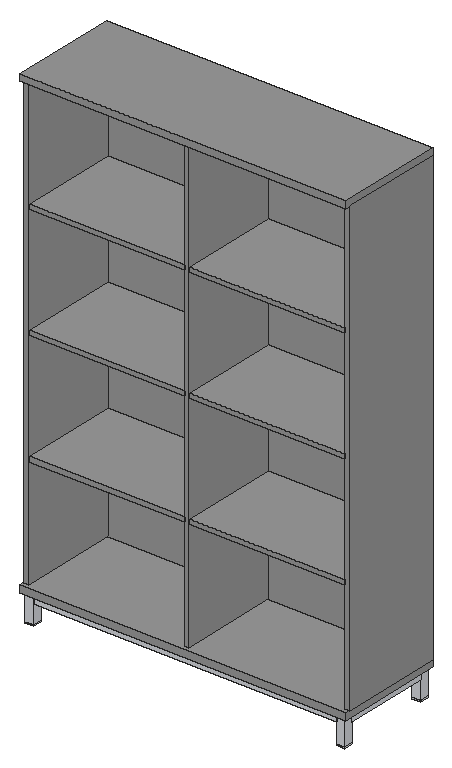
Revit family "Open Fronted Modular Storage With Glass Door Options", category Furniture, Revit 2019
Family settings
  OmniClass Number = 23.40.20.00
  OmniClass Title = General Furniture and Specialties
  Work Plane-Based = No
  Always vertical = Yes
  Cut with Voids When Loaded = No
  Shared = No
  Room Calculation Point = No
Parameters (values of type "BOF18Z")
  Width = 1200 mm
  URL = "www.gof.co.uk"
  Shelves = Gresham - MIDNIGHT ASH
  Range = "STORAGE"
  Product Data Specification = ""
  Product Code = "BOF18Z"
  Product Brochure = ""
  Model = "BOOKCASE"
  Manufacturer = "Gresham Office Furniture"  # constant formula
  Height = 1816 mm
  GHD2 - Level 3 [instance] = no
  GHD2 - Level 1 [instance] = no
  GHD1 - Level 4 [instance] = no
  GHD1 - Level 3 [instance] = no
  GHD1 - Level 2 [instance] = no
  GHD1 - Level 1 [instance] = no
  Doors = Gresham - PLUM
  Carcass = Gresham - MIDNIGHT ASH VERTICAL
  Depth = 400 mm
  BOF18Z Shelves = yes
  BOF10Z Shelves = yes
  BOF14Z Shelves = yes
Reference planes
  plane 1 "Center (Front/Back)": y = 0
  plane 2: z = 0
  plane 3 "Center (Left/Right)": x = 0
  plane 4: x = -600
  plane 5: x = 600
  plane 6: y = 200
  plane 7 "Front": y = -200
  plane 8 "Storage Top": z = 1816
  plane 9: z = 1803.5
  plane 10 "Door Front": y = -182
  plane 11: z = 112.5
  plane 12: z = 1791
  plane 13: z = 1400
  plane 14: z = 984
  plane 15: z = 959
  plane 16: z = 1375
  plane 17: z = 125
  plane 18: z = 100
Forms (mm)
  Extrusion 1, solid, material "Gresham - MIDNIGHT ASH VERTICAL" <- "Carcass"
    sketch origin (0, -5.525, 5) x (-1, 0, 0) y (0, -1, 0)
      loop
        line (582, -205.525) -> (582, -187.525) -> (-582, -187.525) -> (-582, -205.525) -> (582, -205.525)
    from 120 to 1786
  Extrusion 2, solid, material "Gresham - MIDNIGHT ASH VERTICAL" <- "Carcass"
    sketch origin (0, 0, 0) x (1, 0, 0) y (0, 1, 0)
      loop
        line (-600, 200) -> (-600, -182) -> (-582, -182) -> (-582, 200) -> (-600, 200)
      loop
        line (600, 200) -> (582, 200) -> (582, -182) -> (600, -182) -> (600, 200)
    from 125 to 1791
  Extrusion 3, solid, material "Gresham - MIDNIGHT ASH VERTICAL"
    sketch origin (0, 7, -5) x (0, 1, 0) y (0, 0, 1)
      loop
        line (-207, 1796) -> (193, 1796) -> (193, 1821) -> (-207, 1821) -> (-207, 1796)
    from -600 to 600
  Extrusion 4, solid, material "Gresham - MIDNIGHT ASH VERTICAL" <- "Carcass"
    sketch origin (0, -6.874, 39) x (0, 1, 0) y (0, 0, 1)
      loop
        line (-193.126, 61) -> (206.874, 61) -> (206.874, 86) -> (-193.126, 86) -> (-193.126, 61)
    from -600 to 600
  Extrusion 5, solid, material "Gresham - MIDNIGHT ASH VERTICAL" <- "Carcass"
    sketch origin (-8.088, 0, 0) x (1, 0, 0) y (0, 1, 0)
      loop
        line (17.088, 182) -> (-0.912, 182) -> (-0.912, -182) -> (17.088, -182) -> (17.088, 182)
    from 125 to 1791
  Extrusion 6, solid, material "Gresham - MIDNIGHT ASH" <- "Shelves", visible <- "BOF10Z Shelves"
    sketch origin (0, -6, -27.312) x (0, 1, 0) y (0, 0, -1)
      loop
        line (188, -578.312) -> (188, -560.312) -> (-176, -560.312) -> (-176, -578.312) -> (188, -578.312)
    from -582 to -9
  Extrusion 7, solid, material "Gresham - MIDNIGHT ASH" <- "Shelves", visible <- "BOF10Z Shelves"
    sketch origin (0, -6, -27.312) x (0, 1, 0) y (0, 0, 1)
      loop
        line (188, 578.312) -> (-176, 578.312) -> (-176, 560.312) -> (188, 560.312) -> (188, 578.312)
    from -582 to -9
  Extrusion 8, solid, material "Gresham - MIDNIGHT ASH" <- "Shelves", visible <- "BOF14Z Shelves"
    sketch origin (0, -6, 667.022) x (0, 1, 0) y (0, 0, -1)
      loop
        line (188, -716.978) -> (188, -698.978) -> (-176, -698.978) -> (-176, -716.978) -> (188, -716.978)
    from -582 to -9
  Extrusion 9, solid, material "Gresham - MIDNIGHT ASH" <- "Shelves", visible <- "BOF14Z Shelves"
    sketch origin (0, -6, 667.022) x (0, 1, 0) y (0, 0, 1)
      loop
        line (188, 716.978) -> (-176, 716.978) -> (-176, 698.978) -> (188, 698.978) -> (188, 716.978)
    from -582 to -9
  Extrusion 10, solid, material "Gresham - MIDNIGHT ASH" <- "Shelves", visible <- "BOF14Z Shelves"
    sketch origin (0, -6, 389.188) x (0, 1, 0) y (0, 0, -1)
      loop
        line (188, -578.312) -> (188, -560.312) -> (-176, -560.312) -> (-176, -578.312) -> (188, -578.312)
    from -582 to -9
  Extrusion 11, solid, material "Gresham - MIDNIGHT ASH" <- "Shelves", visible <- "BOF14Z Shelves"
    sketch origin (0, -6, 389.188) x (0, 1, 0) y (0, 0, 1)
      loop
        line (188, 578.312) -> (-176, 578.312) -> (-176, 560.312) -> (188, 560.312) -> (188, 578.312)
    from -582 to -9
Dimensions and locks
  equal spacing: plane 4, plane 3 "Center (Left/Right)", plane 5
  "Width": plane 4 to plane 5
  equal spacing: plane 6, plane 1 "Center (Front/Back)", plane 7 "Front"
  locked: Extrusion 2 to Extrusion 2 at 18  (x2)
  Extrusion 3 sketch curve to Extrusion 3 sketch curve = 25 mm
  "Depth": plane 6 to plane 7 "Front"
  Extrusion 2 to plane 7 "Front" = 18 mm
  "Height": plane 8 "Storage Top" to plane 2
  locked: Extrusion 3 to Extrusion 3 at 25
  locked: Extrusion 1 to Extrusion 1 at 18
  locked: plane 8 "Storage Top" to plane 9 at 12.5
  equal spacing: Extrusion 5, plane 3 "Center (Left/Right)", Extrusion 5
  locked: Extrusion 5 to Extrusion 5 at 18
  locked: plane 10 "Door Front" to plane 7 "Front" at 18
  Extrusion 4 sketch curve to Extrusion 4 sketch curve = 25 mm
  equal spacing: Extrusion 4, plane 11, Extrusion 4
  locked: Extrusion 4 to Extrusion 4 at 25
  locked: plane 11 to level at 112.5
  locked: plane 8 "Storage Top" to plane 12 at 25
  plane 12 to plane 11 = 1678.5 mm  (x2)
  locked: plane 13 to level at 1400
  locked: plane 14 to level at 984
  locked: plane 14 to plane 15 at 25
  locked: plane 13 to plane 16 at 25
  locked: plane 17 to plane 18 at 25
  locked: Extrusion 6 to Extrusion 6 at 18  (x2)
  locked: Extrusion 7 to Extrusion 7 at 18  (x2)
  locked: Extrusion 8 to Extrusion 8 at 18  (x2)
  locked: Extrusion 9 to Extrusion 9 at 18  (x2)
  locked: Extrusion 10 to Extrusion 10 at 18  (x2)
  locked: Extrusion 11 to Extrusion 11 at 18  (x2)
  locked: Extrusion 3 to nested 7 at 4
  aligned and locked: level to plane 2
  aligned and locked: Extrusion 2 to plane 5
  aligned and locked: Extrusion 2 to plane 4
  aligned and locked: Extrusion 2 to Extrusion 1
  aligned and locked: Extrusion 1 to Extrusion 2  (x3)
  aligned and locked: Extrusion 3 to plane 5
  aligned and locked: Extrusion 3 to plane 4
  aligned and locked: Extrusion 2 to Extrusion 3
  aligned and locked: Extrusion 3 to plane 7 "Front"
  aligned and locked: plane 8 "Storage Top" to Extrusion 3
  aligned and locked: plane 6 to Extrusion 3
  aligned and locked: plane 6 to Extrusion 2  (x2)
  aligned and locked: plane 6 to Extrusion 1
  aligned and locked: plane 6 to Extrusion 4
  aligned and locked: Extrusion 5 sketch curve to Extrusion 1
  aligned and locked: Extrusion 1 to Extrusion 5  (x2)
  aligned and locked: Extrusion 4 to plane 7 "Front"
Automatic sketch dimensions
  Extrusion 1 sketch curve to plane 6 = 0 mm
  plane 5 to Extrusion 1 sketch curve = 18 mm
  plane 4 to Extrusion 1 sketch curve = 18 mm
  Extrusion 1 sketch curve to Extrusion 1 sketch curve = 18 mm
  Extrusion 2 sketch curve to plane 4 = 0 mm
  Extrusion 2 sketch curve to plane 6 = 0 mm  (x2)
  plane 10 "Door Front" to Extrusion 2 sketch curve = 0 mm  (x2)
  Extrusion 2 sketch curve to plane 5 = 0 mm
  plane 4 to Extrusion 2 sketch curve = 18 mm
  plane 5 to Extrusion 2 sketch curve = 18 mm
  Extrusion 3 sketch curve to plane 7 "Front" = 0 mm
  Extrusion 3 sketch curve to plane 6 = 0 mm
  Extrusion 3 sketch curve to plane 12 = 0 mm
  Extrusion 4 sketch curve to plane 7 "Front" = 0 mm
  Extrusion 4 sketch curve to plane 6 = 0 mm
  Extrusion 4 sketch curve to plane 18 = 0 mm
  plane 10 "Door Front" to Extrusion 5 sketch curve = 0 mm
  Extrusion 5 sketch curve to plane 3 "Center (Left/Right)" = 9 mm
  plane 3 "Center (Left/Right)" to Extrusion 5 sketch curve = 9 mm
  Extrusion 6 sketch curve to plane 10 "Door Front" = 0 mm
  Extrusion 6 sketch curve to plane 6 = 18 mm
  Extrusion 6 sketch curve to plane 15 = 408 mm
  Extrusion 6 sketch curve to Extrusion 6 sketch curve = 18 mm
  Extrusion 7 sketch curve to plane 10 "Door Front" = 0 mm
  Extrusion 7 sketch curve to plane 6 = 18 mm
  plane 17 to Extrusion 7 sketch curve = 408 mm
  Extrusion 7 sketch curve to Extrusion 7 sketch curve = 18 mm
  Extrusion 8 sketch curve to plane 10 "Door Front" = 0 mm
  Extrusion 8 sketch curve to plane 6 = 18 mm
  Extrusion 8 sketch curve to plane 16 = 9 mm
  plane 16 to Extrusion 8 sketch curve = 9 mm
  Extrusion 9 sketch curve to plane 10 "Door Front" = 0 mm
  Extrusion 9 sketch curve to plane 6 = 18 mm
  plane 16 to Extrusion 9 sketch curve = 9 mm
  Extrusion 9 sketch curve to plane 16 = 9 mm
  Extrusion 10 sketch curve to plane 10 "Door Front" = 0 mm
  Extrusion 10 sketch curve to plane 6 = 18 mm
  plane 15 to Extrusion 10 sketch curve = 8.5 mm
  Extrusion 10 sketch curve to plane 15 = 9.5 mm
  Extrusion 11 sketch curve to plane 10 "Door Front" = 0 mm
  Extrusion 11 sketch curve to plane 6 = 18 mm
  Extrusion 11 sketch curve to plane 15 = 9.5 mm
  plane 15 to Extrusion 11 sketch curve = 8.5 mm
Nested families
  nested 1: "Modular Storage Frame" at (0, 0, 0), type "Modular Storage Frame"
  nested 2: "Glass Doors - GHD1 - Level 2" at (0, 0, 0), visible <- "GHD1 - Level 2", type "Glass Doors - GHD1 - Level 2"
  nested 3: "Glass Doors - GHD1 - Level 1" at (0, 0, 0), visible <- "GHD1 - Level 1", type "Glass Doors - GHD1 - Level 1"
    with Handle Type D no, Handle Type C yes, Handle Type B no
  nested 4: "Glass Doors - GHD1 - Level 3" at (0, 0, 0), visible <- "GHD1 - Level 3", type "Glass Doors - GHD1 - Level 3"
    with Handle Type D no, Handle Type C yes, Handle Type B no
  nested 5: "Glass Doors - GHD1 - Level 4" at (0, 0, -1), visible <- "GHD1 - Level 4", type "Glass Doors - GHD1 - Level 4"
    with Handle Type D no, Handle Type C yes, Handle Type B no
  nested 6: "Glass Doors - GHD2 - Level 1" at (0, 0, 0), visible <- "GHD2 - Level 1", type "Glass Doors - GHD2 - Level 1"
    with Handle Type D no, Handle Type C yes, Handle Type B no
  nested 7: "Glass Doors - GHD2 - Level 3" at (0, 0, -1), visible <- "GHD2 - Level 3", type "Glass Doors - GHD2 - Level 3"
    with Handle Type D no, Handle Type C yes, Handle Type B no
Definition of nested family "Modular Storage Frame"
  Parameters (values of type "Modular Storage Frame")
    Width = 1180 mm
    URL = "www.gof.co.uk"
    Frame = none
    Range = "STORAGE"
    Product Data Specification = ""
    Product Code = ""
    Product Brochure = ""
    Model = "MODULAR STORAGE"
    Manufacturer = "Gresham Office Furniture"  # constant formula
    Foot = none
    Depth = 380 mm
  Reference planes
    plane 1 "Center (Front/Back)": y = 0
    plane 2: z = 0
    plane 3 "Center (Left/Right)": x = 0
    plane 4: x = -590
    plane 5: x = 590
    plane 6: y = 190
    plane 7: y = -190
  Forms (mm)
    Extrusion 1, solid, material <- "Frame"
      sketch origin (76, -5.525, 0) x (-1, 0, 0) y (0, -1, 0)
        loop
          line (634, -195.525) -> (634, -170.525) -> (-482, -170.525) -> (-482, -195.525) -> (634, -195.525)
        loop
          line (634, 184.475) -> (-482, 184.475) -> (-482, 159.475) -> (634, 159.475) -> (634, 184.475)
        loop
          line (-514, -163.525) -> (-489, -163.525) -> (-489, 152.475) -> (-514, 152.475) -> (-514, -163.525)
        loop
          line (666, -163.525) -> (666, 152.475) -> (641, 152.475) -> (641, -163.525) -> (666, -163.525)
      from 75 to 100
    Extrusion 2, solid, material <- "Frame"
      sketch origin (0, 0, 0) x (1, 0, 0) y (0, 1, 0)
        loop
          line (590, -190) -> (590, -158) -> (558, -158) -> (558, -190) -> (590, -190)
        loop
          line (590, 190) -> (558, 190) -> (558, 158) -> (590, 158) -> (590, 190)
        loop
          line (-590, -190) -> (-558, -190) -> (-558, -158) -> (-590, -158) -> (-590, -190)
        loop
          line (-590, 190) -> (-590, 158) -> (-558, 158) -> (-558, 190) -> (-590, 190)
      from 5 to 100
    Extrusion 3, solid, material <- "Foot"
      sketch origin (0, 0, 0) x (1, 0, 0) y (0, 1, 0)
        loop
          line (590, 190) -> (558, 190) -> (558, 158) -> (590, 158) -> (590, 190)
        loop
          line (590, -158) -> (558, -158) -> (558, -190) -> (590, -190) -> (590, -158)
        loop
          line (-590, -190) -> (-558, -190) -> (-558, -158) -> (-590, -158) -> (-590, -190)
        loop
          line (-590, 190) -> (-590, 158) -> (-558, 158) -> (-558, 190) -> (-590, 190)
      from 0 to 5
  Dimensions and locks
    equal spacing: plane 4, plane 3 "Center (Left/Right)", plane 5
    "Width": plane 4 to plane 5
    equal spacing: plane 6, plane 1 "Center (Front/Back)", plane 7
    "Depth": plane 6 to plane 7
    Extrusion 2 sketch curve to Extrusion 2 sketch curve = 32 mm  (x7)
    locked: Extrusion 1 to Extrusion 1 at 25
    locked: Extrusion 2 to plane 5 at 32  (x2)
    locked: Extrusion 2 to Extrusion 2 at 32
    locked: plane 6 to Extrusion 2 at 32  (x2)
    locked: plane 4 to Extrusion 2 at 32  (x2)
    locked: Extrusion 2 to plane 7 at 32
    locked: Extrusion 1 to plane 5 at 25
    locked: plane 4 to Extrusion 1 at 25
    Extrusion 1 to plane 2 = 100 mm
    aligned and locked: level to plane 2
    aligned and locked: Extrusion 2 to Extrusion 1
    aligned and locked: plane 6 to Extrusion 1
    aligned and locked: Extrusion 1 sketch curve to Extrusion 2
    aligned and locked: Extrusion 2 to Extrusion 1 sketch curve
  Automatic sketch dimensions
    Extrusion 1 sketch curve to plane 5 = 0 mm
    Extrusion 1 sketch curve to plane 7 = 0 mm
    Extrusion 1 sketch curve to plane 4 = 0 mm
    Extrusion 1 sketch curve to plane 6 = 0 mm
    Extrusion 1 sketch curve to Extrusion 1 sketch curve = 7 mm  (x5)
    plane 4 to Extrusion 1 sketch curve = 32 mm
    Extrusion 1 sketch curve to Extrusion 1 sketch curve = 25 mm  (x2)
    plane 7 to Extrusion 1 sketch curve = 32 mm  (x2)
    Extrusion 3 sketch curve to plane 4 = 0 mm  (x2)
    Extrusion 3 sketch curve to plane 7 = 0 mm  (x2)
    Extrusion 3 sketch curve to plane 6 = 0 mm  (x2)
    Extrusion 3 sketch curve to plane 5 = 0 mm  (x2)
    Extrusion 3 sketch curve to Extrusion 3 sketch curve = 32 mm  (x5)
    plane 7 to Extrusion 3 sketch curve = 32 mm
    Extrusion 3 sketch curve to plane 6 = 32 mm  (x2)
    Extrusion 2 sketch curve to plane 4 = 0 mm  (x2)
    Extrusion 2 sketch curve to plane 6 = 0 mm  (x2)
    Extrusion 2 sketch curve to plane 7 = 0 mm  (x2)
    Extrusion 2 sketch curve to plane 5 = 0 mm  (x2)
    Extrusion 2 sketch curve to Extrusion 2 sketch curve = 32 mm
Definition of nested family "Glass Doors - GHD1 - Level 2"
  Parameters (values of type "Glass Doors - GHD1 - Level 2")
    Width = 1200 mm
    URL = "www.gof.co.uk"
    Shelves = none
    Range = "STORAGE"
    Product Data Specification = ""
    Product Code = "GHD1"
    Product Brochure = ""
    Model = "BOOKCASE"
    Manufacturer = "Gresham Office Furniture"  # constant formula
    Height = 1816 mm
    Handle Type D [instance] = no
    Handle Type C [instance] = yes
    Handle Type B [instance] = no
    Doors = none
    Carcass = none
    Depth = 378 mm
  Reference planes
    plane 1 "Center (Front/Back)": y = 0
    plane 2: z = 0
    plane 3 "Center (Left/Right)": x = 0
    plane 4: x = -600
    plane 5: x = 600
    plane 6: y = 189
    plane 7 "Front": y = -189
    plane 8 "Storage Top": z = 1816
    plane 9: z = 1803.5
    plane 10 "Door Front": y = -171
    plane 11: z = 112.5
    plane 12: z = 1791
    plane 13: z = 1400
    plane 14: z = 984
    plane 15: z = 959
    plane 16: z = 1375
    plane 17: z = 125
    plane 18: z = 100
  Forms (mm)
    Extrusion 1, solid, material <- "Doors"
      sketch origin (-839.743, -182, 1119.4) x (1, 0, 0) y (0, 0, 1)
        loop
          line (840.743, -575.4) -> (1439.743, -575.4) -> (1439.743, -163.4) -> (840.743, -163.4) -> (840.743, -575.4)
      from 0 to 7
    Extrusion 2, solid, material <- "Doors"
      sketch origin (839.743, -182, 1119.4) x (-1, 0, 0) y (0, 0, -1)
        loop
          line (840.743, 575.4) -> (840.743, 163.4) -> (1439.743, 163.4) -> (1439.743, 575.4) -> (840.743, 575.4)
      from 0 to 7
    Extrusion 3, solid
      sketch origin (0, -189, 0) x (-1, 0, 0) y (0, 0, 1)
        loop
          arc (570, 926) -> (553, 909) -> (570, 892) r 17
          line (570, 892) -> (595, 892) -> (595, 926) -> (570, 926)
      from 0 to -5
    Extrusion 4, solid
      sketch origin (0, -189, 0) x (1, 0, 0) y (0, 0, -1)
        loop
          line (570, -926) -> (595, -926) -> (595, -892) -> (570, -892)
          arc (570, -892) -> (553, -909) -> (570, -926) r 17
      from 0 to -5
    Extrusion 5, solid
      sketch origin (0, -189, 1500) x (-1, 0, 0) y (0, 0, 1)
        loop
          line (570, -926) -> (595, -926) -> (595, -892) -> (570, -892)
          arc (570, -892) -> (553, -909) -> (570, -926) r 17
      from 0 to -5
    Extrusion 6, solid
      sketch origin (0, -189, 1500) x (1, 0, 0) y (0, 0, -1)
        loop
          arc (570, 926) -> (553, 909) -> (570, 892) r 17
          line (570, 892) -> (595, 892) -> (595, 926) -> (570, 926)
      from 0 to -5
  Dimensions and locks
    equal spacing: plane 4, plane 3 "Center (Left/Right)", plane 5
    "Width": plane 4 to plane 5
    equal spacing: plane 6, plane 1 "Center (Front/Back)", plane 7 "Front"
    "Depth": plane 6 to plane 7 "Front"
    "Height": plane 8 "Storage Top" to plane 2
    locked: plane 8 "Storage Top" to plane 9 at 12.5
    locked: plane 10 "Door Front" to plane 7 "Front" at 18
    locked: plane 11 to level at 112.5
    locked: plane 8 "Storage Top" to plane 12 at 25
    plane 12 to plane 11 = 1678.5 mm  (x2)
    locked: plane 13 to level at 1400
    locked: plane 14 to level at 984
    locked: plane 14 to plane 15 at 25
    locked: plane 13 to plane 16 at 25
    locked: plane 17 to plane 18 at 25
    locked: Extrusion 1 to Extrusion 1 at 412
    locked: Extrusion 1 sketch curve to plane 3 "Center (Left/Right)" at 1
    locked: Extrusion 1 to nested 2 at 99
    locked: Extrusion 1 to nested 2 at 83.5
    locked: Extrusion 1 to nested 1 at 99
    locked: Extrusion 1 to nested 3 at 83.5
    locked: Extrusion 1 to nested 3 at 99
    locked: Extrusion 2 to Extrusion 2 at 412
    locked: Extrusion 2 to nested 3 at 83.5
    locked: Extrusion 2 to nested 6 at 99
    locked: Extrusion 2 to nested 6 at 83.5
    locked: Extrusion 2 to nested 4 at 99
    locked: Extrusion 2 to nested 5 at 83.5
    locked: Extrusion 2 to nested 5 at 99
    locked: plane 15 to Extrusion 1 at 3
    locked: Extrusion 1 to nested 1 at 84
    locked: Extrusion 2 to nested 4 at 84
    locked: Extrusion 2 to Extrusion 3 at 5
    locked: Extrusion 2 to Extrusion 3 at 30
    locked: Extrusion 5 to Extrusion 2 at 30
    locked: plane 4 to Extrusion 5 at 5
    locked: Extrusion 4 to plane 5 at 5
    aligned and locked: level to plane 2
    aligned and locked: Extrusion 5 to Extrusion 6
    aligned and locked: Extrusion 4 to Extrusion 3
    aligned and locked: Extrusion 6 to Extrusion 4
  Automatic sketch dimensions
    plane 5 to Extrusion 1 sketch curve = 0 mm
    Extrusion 1 sketch curve to plane 15 = 415 mm
    Extrusion 1 sketch curve to plane 15 = 3 mm
    Extrusion 2 sketch curve to plane 4 = 0 mm
    Extrusion 2 sketch curve to plane 3 "Center (Left/Right)" = 1 mm
    Extrusion 2 sketch curve to plane 15 = 3 mm
    Extrusion 2 sketch curve to Extrusion 2 sketch curve = 412 mm
    plane 4 to Extrusion 3 sketch curve = 30 mm
    plane 4 to Extrusion 3 sketch curve = 5 mm
    Extrusion 3 sketch curve to plane 15 = 67 mm
    Extrusion 3 sketch curve to Extrusion 3 sketch curve = 17 mm
    Extrusion 4 sketch curve to plane 5 = 30 mm
    Extrusion 4 sketch curve to plane 5 = 5 mm
    plane 15 to Extrusion 4 sketch curve = 67 mm
    Extrusion 4 sketch curve to Extrusion 4 sketch curve = 17 mm
    Extrusion 5 sketch curve to plane 4 = 30 mm
    Extrusion 5 sketch curve to plane 4 = 5 mm
    plane 15 to Extrusion 5 sketch curve = 351 mm
    Extrusion 5 sketch curve to Extrusion 5 sketch curve = 17 mm
    plane 5 to Extrusion 6 sketch curve = 30 mm
    plane 5 to Extrusion 6 sketch curve = 5 mm
    Extrusion 6 sketch curve to plane 15 = 351 mm
    Extrusion 6 sketch curve to Extrusion 6 sketch curve = 17 mm
  Nested families
    nested 1: "Handle Type C-1" at (175, -189, -109.138) x (-1, 0, 0) z (0, 0, 1), visible <- "Handle Type C", type "Handle Type C-1"
    nested 2: "Handle Type B-1" at (175, -189, -122.078) x (-1, 0, 0) z (0, 0, 1), visible <- "Handle Type B", type "Handle Type B-1"
    nested 3: "Handle Type D-1" at (175, -189, -122.078) x (-1, 0, 0) z (0, 0, 1), visible <- "Handle Type D", type "Handle Type D-1"
    nested 4: "Handle Type C-1" at (-175, -189, -109.138), visible <- "Handle Type C", type "Handle Type C-1"
    nested 5: "Handle Type B-1" at (-175, -189, -122.078), visible <- "Handle Type B", type "Handle Type B-1"
    nested 6: "Handle Type D-1" at (-175, -189, -122.078), visible <- "Handle Type D", type "Handle Type D-1"
  Definition of nested family "Handle Type C-1"
    Parameters (values of type "Handle Type C-1")
      URL = "www.gof.co.uk"
      Type Comments = ""
      Range = "STORAGE"
      Handle Type C = none
      Product Code = "Handle Type C"
      Model = ""
      Manufacturer = "Gresham Office Furniture"  # constant formula
      Assembly Code = "E2020200"
    Reference planes
      plane 1 "Center (Front/Back)": y = 0
      plane 2: z = 0
      plane 3 "Center (Left/Right)": x = 0
      plane 4: x = -475
      plane 5: x = 475
      plane 6 "Storage Top": z = 2007
      plane 7: y = 260
      plane 8: y = -260
    Forms (mm)
      Extrusion 1, void
        sketch origin (981.138, 0, 981.138) x (0, 1, 0) y (-1, 0, 0)
          loop
            line (0, 1072) -> (0, 884.5) -> (27.401, 884.5) -> (27.401, 1072) -> (0, 1072)
        from -12.204 to 11.22
      Sweep 2, solid, material <- "Handle Type C"
        path in 3D
          loop
            arc (-78.75, 3.75, 981.138) -> (0, -30, 981.138) -> (78.75, 3.75, 981.138) r 108.75
        profile origin (0, -30, 981.138) x (0, 1, 0) y (0, 0, 1)
          loop
            circle (0, 0) r 5
    Cuts and joins
      Extrusion 1 cuts Sweep 2
    Lines and regions (mm)
      model lines, detail levels coarse+medium
        curve 1: line (68, 0, 981.138) -> (-68, 0, 981.138)
      model lines, not visible, detail levels coarse+medium
        curve 2: line (0, 0, 986.138) -> (0, 0, 976.138)
      model lines, not visible
        curve 3: line (0, 0, 981.138) -> (0, -30, 981.138)
        curve 5: line (-75, 0, 976.138) -> (-75, 0, 986.138)
        curve 6: line (75, 0, 986.138) -> (75, 0, 976.138)
      sketch lines
        curve 4: arc (-78.75, 3.75, 981.138) -> (0, -30, 981.138) -> (78.75, 3.75, 981.138) r 108.75
    Dimensions and locks
      equal spacing: plane 4, plane 3 "Center (Left/Right)", plane 5
      locked: plane 4 to plane 5 at 950
      equal spacing: plane 7, plane 1 "Center (Front/Back)", plane 8
      locked: plane 7 to plane 8 at 520
      aligned and locked: level to plane 2
    Automatic sketch dimensions
      curve 3 to plane 1 "Center (Front/Back)" = 0 mm
      plane 1 "Center (Front/Back)" to curve 3 = 30 mm
      curve 2 to plane 3 "Center (Left/Right)" = 0 mm
      level to curve 2 = 976.138 mm
      curve 1 to plane 3 "Center (Left/Right)" = 68 mm
      curve 5 to curve 1 = 7 mm
      plane 3 "Center (Left/Right)" to curve 1 = 68 mm
      curve 1 to curve 6 = 7 mm
      curve 6 to curve 2 = 0 mm
      curve 5 to curve 2 = 0 mm
      curve 5 to curve 1 = 5 mm
      curve 1 to curve 6 = 5 mm
      curve 1 to curve 5 = 5 mm
      curve 2 to curve 2 = 10 mm
      plane 1 "Center (Front/Back)" to Extrusion 1 sketch curve = 0 mm
      Extrusion 1 sketch curve to plane 1 "Center (Front/Back)" = 27.401 mm
      plane 3 "Center (Left/Right)" to Extrusion 1 sketch curve = 96.638 mm
      Extrusion 1 sketch curve to plane 3 "Center (Left/Right)" = 90.862 mm
      Sweep 2 sketch curve to profile plane = 0 mm  (x2)
      level to curve 3 = 981.138 mm
      radius of Sweep 2 sketch curve = 5 mm
  Definition of nested family "Handle Type B-1"
    Parameters (values of type "Handle Type B-1")
      URL = "www.gof.co.uk"
      Type Comments = ""
      Range = "STORAGE"
      Handle Type B = none
      Product Code = "Handle Type B"
      Model = ""
      Manufacturer = "Gresham Office Furniture"  # constant formula
      Assembly Code = "E2020200"
    Reference planes
      plane 1 "Center (Front/Back)": y = 0
      plane 2: z = 0
      plane 3 "Center (Left/Right)": x = 0
      plane 4: x = -475
      plane 5: x = 475
      plane 6: y = 260
      plane 7: y = -260
    Forms (mm)
      Extrusion 1, void
        sketch origin (872.923, -128.373, 994.578) x (0, 1, 0) y (-1, 0, 0)
          loop
            line (71.667, 873.923) -> (71.667, 872.291) -> (97.075, 872.291) -> (97.075, 873.923) -> (71.667, 873.923)
        from -6 to 6
      Extrusion 2, solid
        sketch origin (988.138, 0, 994.578) x (0, 0, 1) y (-1, 0, 0)
          loop
            circle (0, 1063.138) r 4
          loop
            circle (0, 913.138) r 4
        from 0 to 10.354
      Sweep 3, solid
        path in 3D
          loop
            arc (-85, -5, 994.578) -> (0, -30, 994.578) -> (85, -5, 994.578) r 157
        profile origin (0, -30, 994.578) x (0, 1, 0) y (0, 0, 1)
          loop
            spline (0, 7.5) -> (-0.776, 7.244) -> (-1.5, 6.495) -> (-2.121, 5.303) -> (-2.598, 3.75) -> (-2.898, 1.941) -> (-3, 0) -> (-2.898, -1.941) -> (-2.598, -3.75) -> (-2.121, -5.303) -> (-1.5, -6.495) -> (-0.776, -7.244) -> (0, -7.5)
            spline (0, -7.5) -> (0.776, -7.244) -> (1.5, -6.495) -> (2.121, -5.303) -> (2.598, -3.75) -> (2.898, -1.941) -> (3, 0) -> (2.898, 1.941) -> (2.598, 3.75) -> (2.121, 5.303) -> (1.5, 6.495) -> (0.776, 7.244) -> (0, 7.5)
      Extrusion 4, void
        sketch origin (867.923, -128.373, 994.578) x (0, 1, 0) y (-1, 0, 0)
          loop
            line (71.667, 873.923) -> (71.667, 872.291) -> (97.075, 872.291) -> (97.075, 873.923) -> (71.667, 873.923)
        from -6 to 6
      Extrusion 5, void
        sketch origin (862.923, -128.373, 994.578) x (0, 1, 0) y (-1, 0, 0)
          loop
            line (71.667, 873.923) -> (71.667, 872.291) -> (98.373, 872.291) -> (98.373, 873.923) -> (71.667, 873.923)
        from -6 to 6
      Extrusion 6, void
        sketch origin (857.923, -128.373, 994.578) x (0, 1, 0) y (-1, 0, 0)
          loop
            line (71.667, 873.923) -> (71.667, 872.291) -> (98.373, 872.291) -> (98.373, 873.923) -> (71.667, 873.923)
        from -6 to 6
      Extrusion 7, void
        sketch origin (852.923, -128.373, 994.578) x (0, 1, 0) y (-1, 0, 0)
          loop
            line (71.667, 873.923) -> (71.667, 872.291) -> (98.842, 872.291) -> (98.842, 873.923) -> (71.667, 873.923)
        from -6 to 6
      Extrusion 8, void
        sketch origin (847.923, -128.373, 994.578) x (0, 1, 0) y (-1, 0, 0)
          loop
            line (71.667, 873.923) -> (71.667, 872.291) -> (99.385, 872.291) -> (99.385, 873.923) -> (71.667, 873.923)
        from -6 to 6
      Extrusion 9, void
        sketch origin (842.923, -128.373, 994.578) x (0, 1, 0) y (-1, 0, 0)
          loop
            line (71.667, 873.923) -> (71.667, 872.291) -> (100.2, 872.291) -> (100.2, 873.923) -> (71.667, 873.923)
        from -6 to 6
      Extrusion 10, void
        sketch origin (837.923, -128.373, 994.578) x (0, 1, 0) y (-1, 0, 0)
          loop
            line (71.667, 873.923) -> (71.667, 872.291) -> (100.984, 872.291) -> (100.984, 873.923) -> (71.667, 873.923)
        from -6 to 6
      Extrusion 11, void
        sketch origin (832.923, -128.373, 994.578) x (0, 1, 0) y (-1, 0, 0)
          loop
            line (71.667, 873.923) -> (71.667, 872.291) -> (102.35, 872.291) -> (102.35, 873.923) -> (71.667, 873.923)
        from -6 to 6
      Extrusion 12, void
        sketch origin (-867.923, -128.373, 994.578) x (0, 1, 0) y (-1, 0, 0)
          loop
            line (71.667, -873.923) -> (97.075, -873.923) -> (97.075, -872.291) -> (71.667, -872.291) -> (71.667, -873.923)
        from -6 to 6
      Extrusion 13, void
        sketch origin (-862.923, -128.373, 994.578) x (0, 1, 0) y (-1, 0, 0)
          loop
            line (71.667, -873.923) -> (98.373, -873.923) -> (98.373, -872.291) -> (71.667, -872.291) -> (71.667, -873.923)
        from -6 to 6
      Extrusion 14, void
        sketch origin (-857.923, -128.373, 994.578) x (0, 1, 0) y (-1, 0, 0)
          loop
            line (71.667, -873.923) -> (98.373, -873.923) -> (98.373, -872.291) -> (71.667, -872.291) -> (71.667, -873.923)
        from -6 to 6
      Extrusion 15, void
        sketch origin (-852.923, -128.373, 994.578) x (0, 1, 0) y (-1, 0, 0)
          loop
            line (71.667, -873.923) -> (98.842, -873.923) -> (98.842, -872.291) -> (71.667, -872.291) -> (71.667, -873.923)
        from -6 to 6
      Extrusion 16, void
        sketch origin (-847.923, -128.373, 994.578) x (0, 1, 0) y (-1, 0, 0)
          loop
            line (71.667, -873.923) -> (99.385, -873.923) -> (99.385, -872.291) -> (71.667, -872.291) -> (71.667, -873.923)
        from -6 to 6
      Extrusion 17, void
        sketch origin (-842.923, -128.373, 994.578) x (0, 1, 0) y (-1, 0, 0)
          loop
            line (71.667, -873.923) -> (100.2, -873.923) -> (100.2, -872.291) -> (71.667, -872.291) -> (71.667, -873.923)
        from -6 to 6
      Extrusion 18, void
        sketch origin (-837.923, -128.373, 994.578) x (0, 1, 0) y (-1, 0, 0)
          loop
            line (71.667, -873.923) -> (100.984, -873.923) -> (100.984, -872.291) -> (71.667, -872.291) -> (71.667, -873.923)
        from -6 to 6
      Extrusion 19, void
        sketch origin (-832.923, -128.373, 994.578) x (0, 1, 0) y (-1, 0, 0)
          loop
            line (71.667, -873.923) -> (102.35, -873.923) -> (102.35, -872.291) -> (71.667, -872.291) -> (71.667, -873.923)
        from -6 to 6
    Cuts and joins
      Extrusion 1, Extrusion 4, Extrusion 5, Extrusion 6, Extrusion 7, Extrusion 8, Extrusion 9, Extrusion 10, Extrusion 11, Extrusion 12, Extrusion 13, Extrusion 14, Extrusion 15, Extrusion 16, Extrusion 17, Extrusion 18, Extrusion 19 cuts Sweep 3
    Lines and regions (mm)
      model lines, not visible, detail levels coarse+medium
        curve 1: line (75, 0, 999.578) -> (75, 0, 989.578)
      model lines, not visible
        curve 2: line (-75, 0, 999.578) -> (-75, 0, 989.578)
        curve 4: line (0, 0, 994.578) -> (0, -30, 994.578)
        curve 6: line (0, 0, 999.578) -> (0, 0, 989.578)
      model lines
        curve 3: line (-75, 0, 994.578) -> (75, 0, 994.578)
      sketch lines
        curve 5: arc (-85, -5, 994.578) -> (0, -30, 994.578) -> (85, -5, 994.578) r 157
    Dimensions and locks
      equal spacing: plane 4, plane 3 "Center (Left/Right)", plane 5
      locked: plane 4 to plane 5 at 950
      equal spacing: plane 6, plane 1 "Center (Front/Back)", plane 7
      locked: plane 6 to plane 7 at 520
      aligned and locked: level to plane 2
    Automatic sketch dimensions
      curve 4 to curve 4 = 30 mm
      curve 6 to plane 3 "Center (Left/Right)" = 0 mm
      plane 3 "Center (Left/Right)" to curve 1 = 75 mm
      level to curve 1 = 989.578 mm
      curve 3 to plane 3 "Center (Left/Right)" = 75 mm
      curve 2 to curve 1 = 0 mm
      curve 6 to curve 1 = 0 mm
      curve 2 to curve 3 = 5 mm
      curve 6 to curve 6 = 10 mm
      curve 3 to curve 2 = 5 mm
      curve 3 to curve 1 = 5 mm
      plane 3 "Center (Left/Right)" to Extrusion 1 sketch curve = 0.632 mm
      plane 1 "Center (Front/Back)" to Extrusion 1 sketch curve = 56.707 mm
      Extrusion 1 sketch curve to Extrusion 1 sketch curve = 25.409 mm
      Extrusion 1 sketch curve to plane 3 "Center (Left/Right)" = 1 mm
      plane 3 "Center (Left/Right)" to Extrusion 2 sketch curve = 75 mm
      level to Extrusion 2 sketch curve = 994.578 mm
      Extrusion 2 sketch curve to plane 3 "Center (Left/Right)" = 75 mm
      Extrusion 2 sketch curve to Extrusion 2 sketch curve = 0 mm
      Sweep 3 sketch curve to profile plane = 0 mm  (x2)
      Sweep 3 sketch curve to Sweep 3 sketch curve = 7.5 mm
      Extrusion 4 sketch curve to plane 3 "Center (Left/Right)" = 4.368 mm
      plane 1 "Center (Front/Back)" to Extrusion 4 sketch curve = 56.707 mm
      Extrusion 4 sketch curve to Extrusion 4 sketch curve = 25.409 mm
      Extrusion 4 sketch curve to Extrusion 4 sketch curve = 1.632 mm
      Extrusion 5 sketch curve to plane 3 "Center (Left/Right)" = 9.368 mm
      plane 1 "Center (Front/Back)" to Extrusion 5 sketch curve = 56.707 mm
      Extrusion 5 sketch curve to Extrusion 5 sketch curve = 26.707 mm
      Extrusion 5 sketch curve to Extrusion 5 sketch curve = 1.632 mm
      Extrusion 6 sketch curve to plane 3 "Center (Left/Right)" = 14.368 mm
      plane 1 "Center (Front/Back)" to Extrusion 6 sketch curve = 56.707 mm
      Extrusion 6 sketch curve to Extrusion 6 sketch curve = 26.707 mm
      Extrusion 6 sketch curve to Extrusion 6 sketch curve = 1.632 mm
      Extrusion 7 sketch curve to plane 3 "Center (Left/Right)" = 19.368 mm
      plane 1 "Center (Front/Back)" to Extrusion 7 sketch curve = 56.707 mm
      Extrusion 7 sketch curve to Extrusion 7 sketch curve = 27.176 mm
      Extrusion 7 sketch curve to Extrusion 7 sketch curve = 1.632 mm
      Extrusion 8 sketch curve to plane 3 "Center (Left/Right)" = 24.368 mm
      plane 1 "Center (Front/Back)" to Extrusion 8 sketch curve = 56.707 mm
      Extrusion 8 sketch curve to Extrusion 8 sketch curve = 27.719 mm
      Extrusion 8 sketch curve to Extrusion 8 sketch curve = 1.632 mm
      plane 1 "Center (Front/Back)" to Extrusion 9 sketch curve = 56.707 mm
      plane 1 "Center (Front/Back)" to Extrusion 9 sketch curve = 28.173 mm
      Extrusion 9 sketch curve to plane 3 "Center (Left/Right)" = 29.368 mm
      Extrusion 9 sketch curve to Extrusion 9 sketch curve = 1.632 mm
      plane 1 "Center (Front/Back)" to Extrusion 10 sketch curve = 56.707 mm
      plane 1 "Center (Front/Back)" to Extrusion 10 sketch curve = 27.389 mm
      Extrusion 10 sketch curve to plane 3 "Center (Left/Right)" = 34.368 mm
      Extrusion 10 sketch curve to Extrusion 10 sketch curve = 1.632 mm
      plane 1 "Center (Front/Back)" to Extrusion 11 sketch curve = 56.707 mm
      plane 1 "Center (Front/Back)" to Extrusion 11 sketch curve = 26.024 mm
      Extrusion 11 sketch curve to plane 3 "Center (Left/Right)" = 39.368 mm
      Extrusion 11 sketch curve to Extrusion 11 sketch curve = 1.632 mm
      plane 3 "Center (Left/Right)" to Extrusion 12 sketch curve = 4.368 mm
      plane 1 "Center (Front/Back)" to Extrusion 12 sketch curve = 56.707 mm
      Extrusion 12 sketch curve to Extrusion 12 sketch curve = 25.409 mm
      Extrusion 12 sketch curve to Extrusion 12 sketch curve = 1.632 mm
      plane 3 "Center (Left/Right)" to Extrusion 13 sketch curve = 9.368 mm
      plane 1 "Center (Front/Back)" to Extrusion 13 sketch curve = 56.707 mm
      Extrusion 13 sketch curve to Extrusion 13 sketch curve = 26.707 mm
      Extrusion 13 sketch curve to Extrusion 13 sketch curve = 1.632 mm
      plane 3 "Center (Left/Right)" to Extrusion 14 sketch curve = 14.368 mm
      plane 1 "Center (Front/Back)" to Extrusion 14 sketch curve = 56.707 mm
      Extrusion 14 sketch curve to Extrusion 14 sketch curve = 26.707 mm
      Extrusion 14 sketch curve to Extrusion 14 sketch curve = 1.632 mm
      plane 3 "Center (Left/Right)" to Extrusion 15 sketch curve = 19.368 mm
      plane 1 "Center (Front/Back)" to Extrusion 15 sketch curve = 56.707 mm
      Extrusion 15 sketch curve to Extrusion 15 sketch curve = 27.176 mm
      Extrusion 15 sketch curve to Extrusion 15 sketch curve = 1.632 mm
      plane 3 "Center (Left/Right)" to Extrusion 16 sketch curve = 24.368 mm
      plane 1 "Center (Front/Back)" to Extrusion 16 sketch curve = 56.707 mm
      Extrusion 16 sketch curve to Extrusion 16 sketch curve = 27.719 mm
      Extrusion 16 sketch curve to Extrusion 16 sketch curve = 1.632 mm
      plane 1 "Center (Front/Back)" to Extrusion 17 sketch curve = 56.707 mm
      plane 1 "Center (Front/Back)" to Extrusion 17 sketch curve = 28.173 mm
      plane 3 "Center (Left/Right)" to Extrusion 17 sketch curve = 31 mm
      Extrusion 17 sketch curve to Extrusion 17 sketch curve = 1.632 mm
      plane 1 "Center (Front/Back)" to Extrusion 18 sketch curve = 56.707 mm
      plane 1 "Center (Front/Back)" to Extrusion 18 sketch curve = 27.389 mm
      plane 3 "Center (Left/Right)" to Extrusion 18 sketch curve = 36 mm
      Extrusion 18 sketch curve to Extrusion 18 sketch curve = 1.632 mm
      plane 1 "Center (Front/Back)" to Extrusion 19 sketch curve = 56.707 mm
      plane 1 "Center (Front/Back)" to Extrusion 19 sketch curve = 26.024 mm
      plane 3 "Center (Left/Right)" to Extrusion 19 sketch curve = 41 mm
      Extrusion 19 sketch curve to Extrusion 19 sketch curve = 1.632 mm
      curve 4 to plane 1 "Center (Front/Back)" = 0 mm
      level to curve 4 = 994.578 mm
      radius of Extrusion 2 sketch curve = 4 mm  (x2)
  Definition of nested family "Handle Type D-1"
    Parameters (values of type "Handle Type D-1")
      URL = "www.gof.co.uk"
      Type Comments = ""
      Range = "STORAGE"
      Handle Type D = none
      Product Code = "Handle Type D"
      Model = ""
      Manufacturer = "Gresham Office Furniture"  # constant formula
      Assembly Code = "E2020200"
    Reference planes
      plane 1 "Center (Front/Back)": y = 0
      plane 2: z = 0
      plane 3 "Center (Left/Right)": x = 0
      plane 4: x = -475
      plane 5: x = 475
      plane 6: y = 260
      plane 7: y = -260
    Forms (mm)
      Extrusion 1, solid
        sketch origin (994.578, 0, 994.578) x (0, 0, 1) y (0, 1, 0)
          loop
            line (5, 0) -> (-5, 0) -> (-5, -6.91)
            arc (-5, -6.91) -> (-7.006, -15.176) -> (0, -20) r 7.5
            arc (0, -20) -> (7.006, -15.176) -> (5, -6.91) r 7.5
            line (5, -6.91) -> (5, 0)
        from 919.578 to 1069.578
    Lines and regions (mm)
      model lines, not visible, detail levels coarse+medium
        curve 1: line (75, 0, 999.578) -> (75, 0, 989.578)
        curve 2: line (-75, 0, 999.578) -> (-75, 0, 989.578)
      model lines, detail levels coarse+medium
        curve 3: line (-75, 0, 994.578) -> (75, 0, 994.578)
      model lines, not visible
        curve 4: line (0, 0, 999.578) -> (0, 0, 989.578)
    Dimensions and locks
      aligned and locked: level to plane 2
Definition of nested family "Glass Doors - GHD1 - Level 1"
  Parameters (values of type "Glass Doors - GHD1 - Level 1")
    Width = 1200 mm
    URL = "www.gof.co.uk"
    Shelves = none
    Range = "STORAGE"
    Product Data Specification = ""
    Product Code = "GHD1"
    Product Brochure = ""
    Model = "BOOKCASE"
    Manufacturer = "Gresham Office Furniture"  # constant formula
    Height = 1816 mm
    Handle Type D [instance] = no
    Handle Type C [instance] = yes
    Handle Type B [instance] = no
    Doors = none
    Carcass = none
    Depth = 378 mm
  Reference planes
    plane 1 "Center (Front/Back)": y = 0
    plane 2: z = 0
    plane 3 "Center (Left/Right)": x = 0
    plane 4: x = -600
    plane 5: x = 600
    plane 6: y = 189
    plane 7 "Front": y = -189
    plane 8 "Storage Top": z = 1816
    plane 9: z = 1803.5
    plane 10 "Door Front": y = -171
    plane 11: z = 112.5
    plane 12: z = 1791
    plane 13: z = 1400
    plane 14: z = 984
    plane 15: z = 959
    plane 16: z = 1375
    plane 17: z = 125
    plane 18: z = 100
  Forms (mm)
    Extrusion 1, solid, material <- "Doors"
      sketch origin (-839.743, -182, 703.9) x (1, 0, 0) y (0, 0, 1)
        loop
          line (840.743, -575.4) -> (1439.743, -575.4) -> (1439.743, -163.4) -> (840.743, -163.4) -> (840.743, -575.4)
      from 0 to 7
    Extrusion 2, solid, material <- "Doors"
      sketch origin (839.743, -182, 703.9) x (-1, 0, 0) y (0, 0, -1)
        loop
          line (840.743, 575.4) -> (840.743, 163.4) -> (1439.743, 163.4) -> (1439.743, 575.4) -> (840.743, 575.4)
      from 0 to 7
    Extrusion 3, solid
      sketch origin (0, -189, -415.5) x (-1, 0, 0) y (0, 0, 1)
        loop
          arc (570, 926) -> (553, 909) -> (570, 892) r 17
          line (570, 892) -> (595, 892) -> (595, 926) -> (570, 926)
      from 0 to -5
    Extrusion 4, solid
      sketch origin (0, -189, -415.5) x (1, 0, 0) y (0, 0, -1)
        loop
          line (570, -926) -> (595, -926) -> (595, -892) -> (570, -892)
          arc (570, -892) -> (553, -909) -> (570, -926) r 17
      from 0 to -5
    Extrusion 5, solid
      sketch origin (0, -189, 1084.5) x (-1, 0, 0) y (0, 0, 1)
        loop
          line (570, -926) -> (595, -926) -> (595, -892) -> (570, -892)
          arc (570, -892) -> (553, -909) -> (570, -926) r 17
      from 0 to -5
    Extrusion 6, solid
      sketch origin (0, -189, 1084.5) x (1, 0, 0) y (0, 0, -1)
        loop
          arc (570, 926) -> (553, 909) -> (570, 892) r 17
          line (570, 892) -> (595, 892) -> (595, 926) -> (570, 926)
      from 0 to -5
  Dimensions and locks
    equal spacing: plane 4, plane 3 "Center (Left/Right)", plane 5
    "Width": plane 4 to plane 5
    equal spacing: plane 6, plane 1 "Center (Front/Back)", plane 7 "Front"
    "Depth": plane 6 to plane 7 "Front"
    "Height": plane 8 "Storage Top" to plane 2
    locked: plane 8 "Storage Top" to plane 9 at 12.5
    locked: plane 10 "Door Front" to plane 7 "Front" at 18
    locked: plane 11 to level at 112.5
    locked: plane 8 "Storage Top" to plane 12 at 25
    plane 12 to plane 11 = 1678.5 mm  (x2)
    locked: plane 13 to level at 1400
    locked: plane 14 to level at 984
    locked: plane 14 to plane 15 at 25
    locked: plane 13 to plane 16 at 25
    locked: plane 17 to plane 18 at 25
    locked: Extrusion 1 to Extrusion 1 at 412
    locked: Extrusion 1 sketch curve to plane 3 "Center (Left/Right)" at 1
    locked: Extrusion 1 to nested 1 at 83.5
    locked: Extrusion 1 to nested 2 at 99
    locked: Extrusion 1 to nested 2 at 83.5
    locked: Extrusion 1 to nested 1 at 99
    locked: Extrusion 1 to nested 3 at 83.5
    locked: Extrusion 1 to nested 3 at 99
    locked: Extrusion 2 to Extrusion 2 at 412
    locked: Extrusion 2 to nested 3 at 83.5
    locked: Extrusion 2 to nested 6 at 99
    locked: Extrusion 2 to nested 6 at 83.5
    locked: Extrusion 2 to nested 4 at 83.5
    locked: Extrusion 2 to nested 4 at 99
    locked: Extrusion 2 to nested 5 at 83.5
    locked: Extrusion 2 to nested 5 at 99
    locked: Extrusion 2 to Extrusion 3 at 30
    locked: Extrusion 2 to Extrusion 3 at 5
    locked: Extrusion 1 to Extrusion 6 at 5
    aligned and locked: level to plane 2
    aligned and locked: Extrusion 5 to Extrusion 6  (x2)
    aligned and locked: Extrusion 4 to Extrusion 3  (x2)
    aligned and locked: Extrusion 6 to Extrusion 4  (x2)
    aligned and locked: Extrusion 3 to Extrusion 5
  Automatic sketch dimensions
    plane 5 to Extrusion 1 sketch curve = 0 mm
    plane 17 to Extrusion 1 sketch curve = 3.5 mm
    Extrusion 1 sketch curve to Extrusion 1 sketch curve = 412 mm
    Extrusion 2 sketch curve to plane 4 = 0 mm
    Extrusion 2 sketch curve to plane 3 "Center (Left/Right)" = 1 mm
    plane 17 to Extrusion 2 sketch curve = 415.5 mm
    plane 17 to Extrusion 2 sketch curve = 3.5 mm
    plane 4 to Extrusion 3 sketch curve = 30 mm
    plane 4 to Extrusion 3 sketch curve = 5 mm
    Extrusion 3 sketch curve to plane 15 = 482.5 mm
    Extrusion 3 sketch curve to Extrusion 3 sketch curve = 17 mm
    Extrusion 4 sketch curve to plane 5 = 30 mm
    Extrusion 4 sketch curve to plane 5 = 5 mm
    plane 15 to Extrusion 4 sketch curve = 482.5 mm
    Extrusion 4 sketch curve to Extrusion 4 sketch curve = 17 mm
    Extrusion 5 sketch curve to plane 4 = 30 mm
    Extrusion 5 sketch curve to plane 4 = 5 mm
    plane 15 to Extrusion 5 sketch curve = 766.5 mm
    Extrusion 5 sketch curve to Extrusion 5 sketch curve = 17 mm
    plane 5 to Extrusion 6 sketch curve = 30 mm
    plane 5 to Extrusion 6 sketch curve = 5 mm
    Extrusion 6 sketch curve to plane 15 = 766.5 mm
    Extrusion 6 sketch curve to Extrusion 6 sketch curve = 17 mm
  Nested families
    nested 1: "Handle Type C-1" at (175, -189, -524.138) x (-1, 0, 0) z (0, 0, 1), visible <- "Handle Type C", type "Handle Type C-1"
    nested 2: "Handle Type B-1" at (175, -189, -537.578) x (-1, 0, 0) z (0, 0, 1), visible <- "Handle Type B", type "Handle Type B-1"
    nested 3: "Handle Type D-1" at (175, -189, -537.578) x (-1, 0, 0) z (0, 0, 1), visible <- "Handle Type D", type "Handle Type D-1"
    nested 4: "Handle Type C-1" at (-175, -189, -524.138), visible <- "Handle Type C", type "Handle Type C-1"
    nested 5: "Handle Type B-1" at (-175, -189, -537.578), visible <- "Handle Type B", type "Handle Type B-1"
    nested 6: "Handle Type D-1" at (-175, -189, -537.578), visible <- "Handle Type D", type "Handle Type D-1"
  Definition of nested family "Handle Type C-1"
    Parameters (values of type "Handle Type C-1")
      URL = "www.gof.co.uk"
      Type Comments = ""
      Range = "STORAGE"
      Handle Type C = none
      Product Code = "Handle Type C"
      Model = ""
      Manufacturer = "Gresham Office Furniture"  # constant formula
      Assembly Code = "E2020200"
    Reference planes
      plane 1 "Center (Front/Back)": y = 0
      plane 2: z = 0
      plane 3 "Center (Left/Right)": x = 0
      plane 4: x = -475
      plane 5: x = 475
      plane 6 "Storage Top": z = 2007
      plane 7: y = 260
      plane 8: y = -260
    Forms (mm)
      Extrusion 1, void
        sketch origin (981.138, 0, 981.138) x (0, 1, 0) y (-1, 0, 0)
          loop
            line (0, 1072) -> (0, 884.5) -> (27.401, 884.5) -> (27.401, 1072) -> (0, 1072)
        from -12.204 to 11.22
      Sweep 2, solid, material <- "Handle Type C"
        path in 3D
          loop
            arc (-78.75, 3.75, 981.138) -> (0, -30, 981.138) -> (78.75, 3.75, 981.138) r 108.75
        profile origin (0, -30, 981.138) x (0, 1, 0) y (0, 0, 1)
          loop
            circle (0, 0) r 5
    Cuts and joins
      Extrusion 1 cuts Sweep 2
    Lines and regions (mm)
      model lines, detail levels coarse+medium
        curve 1: line (68, 0, 981.138) -> (-68, 0, 981.138)
      model lines, not visible, detail levels coarse+medium
        curve 2: line (0, 0, 986.138) -> (0, 0, 976.138)
      model lines, not visible
        curve 3: line (0, 0, 981.138) -> (0, -30, 981.138)
        curve 5: line (-75, 0, 976.138) -> (-75, 0, 986.138)
        curve 6: line (75, 0, 986.138) -> (75, 0, 976.138)
      sketch lines
        curve 4: arc (-78.75, 3.75, 981.138) -> (0, -30, 981.138) -> (78.75, 3.75, 981.138) r 108.75
    Dimensions and locks
      equal spacing: plane 4, plane 3 "Center (Left/Right)", plane 5
      locked: plane 4 to plane 5 at 950
      equal spacing: plane 7, plane 1 "Center (Front/Back)", plane 8
      locked: plane 7 to plane 8 at 520
      aligned and locked: level to plane 2
    Automatic sketch dimensions
      curve 3 to plane 1 "Center (Front/Back)" = 0 mm
      plane 1 "Center (Front/Back)" to curve 3 = 30 mm
      curve 2 to plane 3 "Center (Left/Right)" = 0 mm
      level to curve 2 = 976.138 mm
      curve 1 to plane 3 "Center (Left/Right)" = 68 mm
      curve 5 to curve 1 = 7 mm
      plane 3 "Center (Left/Right)" to curve 1 = 68 mm
      curve 1 to curve 6 = 7 mm
      curve 6 to curve 2 = 0 mm
      curve 5 to curve 2 = 0 mm
      curve 5 to curve 1 = 5 mm
      curve 1 to curve 6 = 5 mm
      curve 1 to curve 5 = 5 mm
      curve 2 to curve 2 = 10 mm
      plane 1 "Center (Front/Back)" to Extrusion 1 sketch curve = 0 mm
      Extrusion 1 sketch curve to plane 1 "Center (Front/Back)" = 27.401 mm
      plane 3 "Center (Left/Right)" to Extrusion 1 sketch curve = 96.638 mm
      Extrusion 1 sketch curve to plane 3 "Center (Left/Right)" = 90.862 mm
      Sweep 2 sketch curve to profile plane = 0 mm  (x2)
      level to curve 3 = 981.138 mm
      radius of Sweep 2 sketch curve = 5 mm
  Definition of nested family "Handle Type B-1"
    Parameters (values of type "Handle Type B-1")
      URL = "www.gof.co.uk"
      Type Comments = ""
      Range = "STORAGE"
      Handle Type B = none
      Product Code = "Handle Type B"
      Model = ""
      Manufacturer = "Gresham Office Furniture"  # constant formula
      Assembly Code = "E2020200"
    Reference planes
      plane 1 "Center (Front/Back)": y = 0
      plane 2: z = 0
      plane 3 "Center (Left/Right)": x = 0
      plane 4: x = -475
      plane 5: x = 475
      plane 6: y = 260
      plane 7: y = -260
    Forms (mm)
      Extrusion 1, void
        sketch origin (872.923, -128.373, 994.578) x (0, 1, 0) y (-1, 0, 0)
          loop
            line (71.667, 873.923) -> (71.667, 872.291) -> (97.075, 872.291) -> (97.075, 873.923) -> (71.667, 873.923)
        from -6 to 6
      Extrusion 2, solid
        sketch origin (988.138, 0, 994.578) x (0, 0, 1) y (-1, 0, 0)
          loop
            circle (0, 1063.138) r 4
          loop
            circle (0, 913.138) r 4
        from 0 to 10.354
      Sweep 3, solid
        path in 3D
          loop
            arc (-85, -5, 994.578) -> (0, -30, 994.578) -> (85, -5, 994.578) r 157
        profile origin (0, -30, 994.578) x (0, 1, 0) y (0, 0, 1)
          loop
            spline (0, 7.5) -> (-0.776, 7.244) -> (-1.5, 6.495) -> (-2.121, 5.303) -> (-2.598, 3.75) -> (-2.898, 1.941) -> (-3, 0) -> (-2.898, -1.941) -> (-2.598, -3.75) -> (-2.121, -5.303) -> (-1.5, -6.495) -> (-0.776, -7.244) -> (0, -7.5)
            spline (0, -7.5) -> (0.776, -7.244) -> (1.5, -6.495) -> (2.121, -5.303) -> (2.598, -3.75) -> (2.898, -1.941) -> (3, 0) -> (2.898, 1.941) -> (2.598, 3.75) -> (2.121, 5.303) -> (1.5, 6.495) -> (0.776, 7.244) -> (0, 7.5)
      Extrusion 4, void
        sketch origin (867.923, -128.373, 994.578) x (0, 1, 0) y (-1, 0, 0)
          loop
            line (71.667, 873.923) -> (71.667, 872.291) -> (97.075, 872.291) -> (97.075, 873.923) -> (71.667, 873.923)
        from -6 to 6
      Extrusion 5, void
        sketch origin (862.923, -128.373, 994.578) x (0, 1, 0) y (-1, 0, 0)
          loop
            line (71.667, 873.923) -> (71.667, 872.291) -> (98.373, 872.291) -> (98.373, 873.923) -> (71.667, 873.923)
        from -6 to 6
      Extrusion 6, void
        sketch origin (857.923, -128.373, 994.578) x (0, 1, 0) y (-1, 0, 0)
          loop
            line (71.667, 873.923) -> (71.667, 872.291) -> (98.373, 872.291) -> (98.373, 873.923) -> (71.667, 873.923)
        from -6 to 6
      Extrusion 7, void
        sketch origin (852.923, -128.373, 994.578) x (0, 1, 0) y (-1, 0, 0)
          loop
            line (71.667, 873.923) -> (71.667, 872.291) -> (98.842, 872.291) -> (98.842, 873.923) -> (71.667, 873.923)
        from -6 to 6
      Extrusion 8, void
        sketch origin (847.923, -128.373, 994.578) x (0, 1, 0) y (-1, 0, 0)
          loop
            line (71.667, 873.923) -> (71.667, 872.291) -> (99.385, 872.291) -> (99.385, 873.923) -> (71.667, 873.923)
        from -6 to 6
      Extrusion 9, void
        sketch origin (842.923, -128.373, 994.578) x (0, 1, 0) y (-1, 0, 0)
          loop
            line (71.667, 873.923) -> (71.667, 872.291) -> (100.2, 872.291) -> (100.2, 873.923) -> (71.667, 873.923)
        from -6 to 6
      Extrusion 10, void
        sketch origin (837.923, -128.373, 994.578) x (0, 1, 0) y (-1, 0, 0)
          loop
            line (71.667, 873.923) -> (71.667, 872.291) -> (100.984, 872.291) -> (100.984, 873.923) -> (71.667, 873.923)
        from -6 to 6
      Extrusion 11, void
        sketch origin (832.923, -128.373, 994.578) x (0, 1, 0) y (-1, 0, 0)
          loop
            line (71.667, 873.923) -> (71.667, 872.291) -> (102.35, 872.291) -> (102.35, 873.923) -> (71.667, 873.923)
        from -6 to 6
      Extrusion 12, void
        sketch origin (-867.923, -128.373, 994.578) x (0, 1, 0) y (-1, 0, 0)
          loop
            line (71.667, -873.923) -> (97.075, -873.923) -> (97.075, -872.291) -> (71.667, -872.291) -> (71.667, -873.923)
        from -6 to 6
      Extrusion 13, void
        sketch origin (-862.923, -128.373, 994.578) x (0, 1, 0) y (-1, 0, 0)
          loop
            line (71.667, -873.923) -> (98.373, -873.923) -> (98.373, -872.291) -> (71.667, -872.291) -> (71.667, -873.923)
        from -6 to 6
      Extrusion 14, void
        sketch origin (-857.923, -128.373, 994.578) x (0, 1, 0) y (-1, 0, 0)
          loop
            line (71.667, -873.923) -> (98.373, -873.923) -> (98.373, -872.291) -> (71.667, -872.291) -> (71.667, -873.923)
        from -6 to 6
      Extrusion 15, void
        sketch origin (-852.923, -128.373, 994.578) x (0, 1, 0) y (-1, 0, 0)
          loop
            line (71.667, -873.923) -> (98.842, -873.923) -> (98.842, -872.291) -> (71.667, -872.291) -> (71.667, -873.923)
        from -6 to 6
      Extrusion 16, void
        sketch origin (-847.923, -128.373, 994.578) x (0, 1, 0) y (-1, 0, 0)
          loop
            line (71.667, -873.923) -> (99.385, -873.923) -> (99.385, -872.291) -> (71.667, -872.291) -> (71.667, -873.923)
        from -6 to 6
      Extrusion 17, void
        sketch origin (-842.923, -128.373, 994.578) x (0, 1, 0) y (-1, 0, 0)
          loop
            line (71.667, -873.923) -> (100.2, -873.923) -> (100.2, -872.291) -> (71.667, -872.291) -> (71.667, -873.923)
        from -6 to 6
      Extrusion 18, void
        sketch origin (-837.923, -128.373, 994.578) x (0, 1, 0) y (-1, 0, 0)
          loop
            line (71.667, -873.923) -> (100.984, -873.923) -> (100.984, -872.291) -> (71.667, -872.291) -> (71.667, -873.923)
        from -6 to 6
      Extrusion 19, void
        sketch origin (-832.923, -128.373, 994.578) x (0, 1, 0) y (-1, 0, 0)
          loop
            line (71.667, -873.923) -> (102.35, -873.923) -> (102.35, -872.291) -> (71.667, -872.291) -> (71.667, -873.923)
        from -6 to 6
    Cuts and joins
      Extrusion 1, Extrusion 4, Extrusion 5, Extrusion 6, Extrusion 7, Extrusion 8, Extrusion 9, Extrusion 10, Extrusion 11, Extrusion 12, Extrusion 13, Extrusion 14, Extrusion 15, Extrusion 16, Extrusion 17, Extrusion 18, Extrusion 19 cuts Sweep 3
    Lines and regions (mm)
      model lines, not visible, detail levels coarse+medium
        curve 1: line (75, 0, 999.578) -> (75, 0, 989.578)
      model lines, not visible
        curve 2: line (-75, 0, 999.578) -> (-75, 0, 989.578)
        curve 4: line (0, 0, 994.578) -> (0, -30, 994.578)
        curve 6: line (0, 0, 999.578) -> (0, 0, 989.578)
      model lines
        curve 3: line (-75, 0, 994.578) -> (75, 0, 994.578)
      sketch lines
        curve 5: arc (-85, -5, 994.578) -> (0, -30, 994.578) -> (85, -5, 994.578) r 157
    Dimensions and locks
      equal spacing: plane 4, plane 3 "Center (Left/Right)", plane 5
      locked: plane 4 to plane 5 at 950
      equal spacing: plane 6, plane 1 "Center (Front/Back)", plane 7
      locked: plane 6 to plane 7 at 520
      aligned and locked: level to plane 2
    Automatic sketch dimensions
      curve 4 to curve 4 = 30 mm
      curve 6 to plane 3 "Center (Left/Right)" = 0 mm
      plane 3 "Center (Left/Right)" to curve 1 = 75 mm
      level to curve 1 = 989.578 mm
      curve 3 to plane 3 "Center (Left/Right)" = 75 mm
      curve 2 to curve 1 = 0 mm
      curve 6 to curve 1 = 0 mm
      curve 2 to curve 3 = 5 mm
      curve 6 to curve 6 = 10 mm
      curve 3 to curve 2 = 5 mm
      curve 3 to curve 1 = 5 mm
      plane 3 "Center (Left/Right)" to Extrusion 1 sketch curve = 0.632 mm
      plane 1 "Center (Front/Back)" to Extrusion 1 sketch curve = 56.707 mm
      Extrusion 1 sketch curve to Extrusion 1 sketch curve = 25.409 mm
      Extrusion 1 sketch curve to plane 3 "Center (Left/Right)" = 1 mm
      plane 3 "Center (Left/Right)" to Extrusion 2 sketch curve = 75 mm
      level to Extrusion 2 sketch curve = 994.578 mm
      Extrusion 2 sketch curve to plane 3 "Center (Left/Right)" = 75 mm
      Extrusion 2 sketch curve to Extrusion 2 sketch curve = 0 mm
      Sweep 3 sketch curve to profile plane = 0 mm  (x2)
      Sweep 3 sketch curve to Sweep 3 sketch curve = 7.5 mm
      Extrusion 4 sketch curve to plane 3 "Center (Left/Right)" = 4.368 mm
      plane 1 "Center (Front/Back)" to Extrusion 4 sketch curve = 56.707 mm
      Extrusion 4 sketch curve to Extrusion 4 sketch curve = 25.409 mm
      Extrusion 4 sketch curve to Extrusion 4 sketch curve = 1.632 mm
      Extrusion 5 sketch curve to plane 3 "Center (Left/Right)" = 9.368 mm
      plane 1 "Center (Front/Back)" to Extrusion 5 sketch curve = 56.707 mm
      Extrusion 5 sketch curve to Extrusion 5 sketch curve = 26.707 mm
      Extrusion 5 sketch curve to Extrusion 5 sketch curve = 1.632 mm
      Extrusion 6 sketch curve to plane 3 "Center (Left/Right)" = 14.368 mm
      plane 1 "Center (Front/Back)" to Extrusion 6 sketch curve = 56.707 mm
      Extrusion 6 sketch curve to Extrusion 6 sketch curve = 26.707 mm
      Extrusion 6 sketch curve to Extrusion 6 sketch curve = 1.632 mm
      Extrusion 7 sketch curve to plane 3 "Center (Left/Right)" = 19.368 mm
      plane 1 "Center (Front/Back)" to Extrusion 7 sketch curve = 56.707 mm
      Extrusion 7 sketch curve to Extrusion 7 sketch curve = 27.176 mm
      Extrusion 7 sketch curve to Extrusion 7 sketch curve = 1.632 mm
      Extrusion 8 sketch curve to plane 3 "Center (Left/Right)" = 24.368 mm
      plane 1 "Center (Front/Back)" to Extrusion 8 sketch curve = 56.707 mm
      Extrusion 8 sketch curve to Extrusion 8 sketch curve = 27.719 mm
      Extrusion 8 sketch curve to Extrusion 8 sketch curve = 1.632 mm
      plane 1 "Center (Front/Back)" to Extrusion 9 sketch curve = 56.707 mm
      plane 1 "Center (Front/Back)" to Extrusion 9 sketch curve = 28.173 mm
      Extrusion 9 sketch curve to plane 3 "Center (Left/Right)" = 29.368 mm
      Extrusion 9 sketch curve to Extrusion 9 sketch curve = 1.632 mm
      plane 1 "Center (Front/Back)" to Extrusion 10 sketch curve = 56.707 mm
      plane 1 "Center (Front/Back)" to Extrusion 10 sketch curve = 27.389 mm
      Extrusion 10 sketch curve to plane 3 "Center (Left/Right)" = 34.368 mm
      Extrusion 10 sketch curve to Extrusion 10 sketch curve = 1.632 mm
      plane 1 "Center (Front/Back)" to Extrusion 11 sketch curve = 56.707 mm
